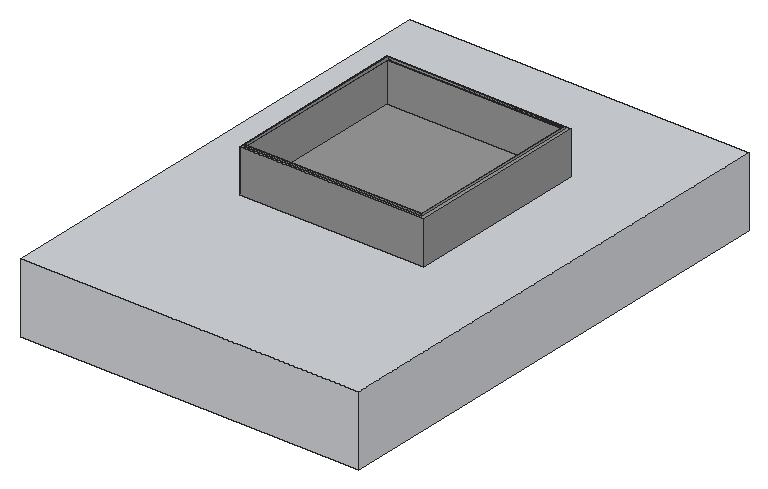
Revit family "Hager-Univers-IP30-D205-H800-Cl.II-Encl-CH-it", category Equipement électrique, Revit 2020
Family settings
  Hôte = Face
  Configuration du panneau = Deux colonnes, circuits au sein
  Cote de connecteur circulaire = Utiliser le diamètre
  Type d'élément = Tableau de raccordement
  Couper avec des vides une fois chargée = Non
  Partagée = Non
  Point de calcul de pièce = Non
Parameters (values of type "A parete IP30 L800 A800 P205  - FP53Q1S")
  Width Control [instance] = if([EF000008 - Larghezza] > Min Width, [EF000008 - Larghezza], Min Width)  # 800 mm
  Commentaires du type = [HG000003 - Gamma]  # "Univers"
  Thickness Door [instance] = if([EF009171 - spessore materiale porta/coperchio] > 3 mm, 3 mm, [EF009171 - spessore materiale porta/coperchio])  # 1 mm
  Seal Frame Offset [instance] = 17 mm  # constant formula
  Plinth Visibility [instance] = [HG000027 - Altezza dello zoccolo] > 0 mm  # no
  Model = ""
  Min Width [instance] = 100 mm  # constant formula
  Min Height [instance] = 100 mm  # constant formula
  Min Depth [instance] = (2 * [EF009170 - spessore materiale scatola]) + 1 mm  # 3 mm
  Internal Frame Depth [instance] = (Door System Depth * 0.5)  # 9 mm
  Height Control [instance] = if([EF000040 - Altezza] > Min Height, [EF000040 - Altezza], Min Height)  # 800 mm
  HG000027 - Altezza dello zoccolo = 0 mm
  HG000026 - A pavimento = no
  HG000024 - Altezza della sezione inferiore = 800 mm
  HG000023 - Custodia a doppia sezione = no
  HG000016 - Visibilità delle porte nella vista 3D [instance] = yes
  HG000015 - Visibilità attraverso la porta [instance] = no
  HG000014 - Porta destra [instance] = yes
  HG000013 - Porta sinistra [instance] = not([HG000014 - Porta destra])  # no
  HG000012 - Angolo di apertura della porta [instance] = 30.00°
  HG000010 - Porte asimmetriche = no
  HG000009 - Porta doppia a battente = no
  HG000006 - Ad incasso = no
  HG000004 - Codice produttore = "FP53Q1S"
  HG000003 - Gamma = "Univers"
  HG000002 - Con porta = no
  Frame Offset Bottom [instance] = 10 mm  # constant formula
  Frame Offset [instance] = 15 mm  # constant formula
  EF015940 - Coprire con rilascio di sovrapressione = no
  EF011959 - tipo di protezione (NEMA) = ""
  EF009554 - numero delle aperture per la piastra della flangia = 6
  Fabricant = "Hager"  # constant formula
  EF009212 - esecuzione coperchio = "EV009916 - con taglio"
  EF009171 - spessore materiale porta/coperchio = 1 mm
  EF009170 - spessore materiale scatola = 1 mm
  EF008873 - corrente nominale (In) = 250 A
  EF007800 - adatto per parafulmine = no
  EF006306 - con serratura = no
  EF006244 - coperchio/porta trasparente = no
  EF005474 - grado di protezione (IP) = "EV006410 - IP30"
  EF004464 - tipo di porta = "EV000494 - senza"
  EF004427 - numero di moduli = 180
  EF004293 - resistenza agli urti = "EV006813 - IK07"
  EF003532 - adatto per uso esterno = no
  EF002950 - Numero moduli DIN = 36
  EF001613 - Integrità del circuito = "EV000494 - senza"
  EF001596 - Attacco Lampada = "EV000179 - acciaio"
  EF001131 - profondità interna = 130 mm
  EF001088 - possibilità di applicazione = yes
  EF000437 - numero di ingressi per conduttori = 6
  EF000339 - tipo di copertura = "EV000494 - senza"
  EF000266 - numero di file = 5
  EF000218 - profondità di incasso = 0 mm
  EF000118 - con piastra di montaggio = no
  EF000116 - numero RAL = "9010"
  EF000049 - profondità = 205 mm
  EF000040 - Altezza = 800 mm
  EF000008 - Larghezza = 800 mm
  EF000007 - colore = "EV000202 - bianco"
  EF000003 - Tipo di montaggio = "EV000384 - A parete"
  Door System Leaf Tolerance [instance] = 1.5 mm  # constant formula
  Door System Depth [instance] = 18 mm  # constant formula
  Door Height [instance] = Height Control - [HG000027 - Altezza dello zoccolo]  # 800 mm
  Depth Control [instance] = if([EF000049 - profondità] > Min Depth, [EF000049 - profondità], Min Depth)  # 205 mm
  Default Elevation = 0 mm
  Connector Offset [instance] = Height Control / 2  # 400 mm
  Bottom Top Plate Trim [instance] = 1.5 mm  # constant formula
  Plinth height Ctrl [instance] = if([HG000027 - Altezza dello zoccolo] > 0 mm, [HG000027 - Altezza dello zoccolo], 12 mm)  # 12 mm
Types (5, lengths in mm): name | Width Control | HG000004 - Codice produttore | EF009554 - numero delle aperture per la piastra della flangia | EF004427 - numero di moduli | EF002950 - Numero moduli DIN | EF000437 - numero di ingressi per conduttori | EF000008 - Larghezza
  A parete IP30 L1050 A800 P205  - FP54Q1S | 1050 | "FP54Q1S" | 8 | 240 | 48 | 8 | 1050
  A parete IP30 L1300 A800 P205  - FP55Q1S | 1300 | "FP55Q1S" | 10 | 300 | 60 | 10 | 1300
  A parete IP30 L300 A800 P205  - FP51Q1S | 300 | "FP51Q1S" | 2 | 60 | 12 | 2 | 300
  A parete IP30 L550 A800 P205  - FP52Q1S | 550 | "FP52Q1S" | 4 | 120 | 24 | 4 | 550
  A parete IP30 L800 A800 P205  - FP53Q1S | 800 | "FP53Q1S" | 6 | 180 | 36 | 6 | 800
Reference planes
  plane 1 "Center (Front/Back)": y = 0
  plane 2: z = 0
  plane 3 "Center (Left/Right)": x = 0
  plane 4: z = 205
  plane 5: y = 1
  plane 6: y = 400
  plane 7: y = 0
  plane 8: y = 800
  plane 9: z = 0
  plane 10: x = -385
  plane 11: x = 385
  plane 12: x = 384
  plane 13: x = -384
  plane 14: y = 799
  plane 15: x = -383
  plane 16: x = -400
  plane 17: x = 383
  plane 18: x = 400
  plane 19: x = 399
  plane 20: x = -399
  plane 21: y = 11
  plane 22: y = 800
  plane 23: y = 784
  plane 24: z = 187
  plane 25: z = 1
  plane 26: z = 186
  plane 27: z = 204
Forms (mm)
  Extrusion 1, solid
    sketch origin (0, 0, 0) x (1, 0, 0) y (0, 1, 0)
      loop
        line (-702.964, 1305) -> (-702.964, -811.445) -> (766.763, -811.445) -> (766.763, 1305) -> (-702.964, 1305)
    from 0 to -304.8
  Extrusion 2, solid, material "Hager_Steel_RAL7035_Light_Grey", visible <- "Plinth Visibility", detail levels medium+fine
    sketch origin (0, 0, 0) x (1, 0, 0) y (0, 1, 0)
      loop
        line (-400, 0) -> (400, 0) -> (400, 12) -> (-400, 12) -> (-400, 0)
    from 0 to 187
  Extrusion 3, solid, material "Hager_Steel_RAL7035_Light_Grey", detail levels medium+fine
    sketch origin (0, 0, 0) x (1, 0, 0) y (0, 1, 0)
      loop
        line (-400, 0) -> (400, 0) -> (400, 800) -> (-400, 800) -> (-400, 0)
    from 0 to 187
  Extrusion 4, void
    sketch origin (0, 0, 0) x (1, 0, 0) y (0, 1, 0)
      loop
        line (-399, 1) -> (399, 1) -> (399, 799) -> (-399, 799) -> (-399, 1)
    from 1 to 186
  Extrusion 5, void
    sketch origin (-381.607, -4572, 187) x (0, -1, 0) y (-1, 0, 0)
      loop
        line (-4583, 2.393) -> (-5356, 2.393) -> (-5356, -765.607) -> (-4583, -765.607) -> (-4583, 2.393)
    from 0 to 1 <- "EF009170 - spessore materiale scatola"
  Extrusion 6, solid, material "Hager_Steel_RAL7035_Light_Grey", detail levels fine
    sketch origin (0, 0, 187) x (1, 0, 0) y (0, 1, 0)
      loop
        line (-384, 784) -> (-384, 11) -> (384, 11) -> (384, 784) -> (-384, 784)
      loop
        line (-385, 10) -> (385, 10) -> (385, 785) -> (-385, 785) -> (-385, 10)
    from 0 to 9 <- "Internal Frame Depth"
  Extrusion 7, solid, material "Hager_Steel_RAL7035_Light_Grey", detail levels coarse
    sketch origin (0, 0, 0) x (1, 0, 0) y (0, 1, 0)
      loop
        line (-400, 0) -> (400, 0) -> (400, 800) -> (-400, 800) -> (-400, 0)
    from 0 to 205
  Sweep 8, void
    path in 3D
      loop
        line (-400, 12, 0) -> (400, 12, 0) -> (400, 12, 187) -> (-400, 12, 187) -> (-400, 12, 0)
    profile origin (-400, 12, 93.5) x (-1, 0, 0) y (0, -1, 0)
      loop
        line (0, 0) -> (0, 1.5) -> (-1.5, 1.5)
        arc (-1.5, 1.5) -> (-1.061, 0.439) -> (0, 0) r 1.5
Cuts and joins
  Extrusion 4, Extrusion 5 cuts Extrusion 3
  Sweep 8 cuts Extrusion 2
Lines and regions (mm)
  Masking region 1
    outline origin (0, 0, 0) x (1, 0, 0) y (0, 0, 1)
      loop
        line (-400, 205) -> (-400, 0) -> (400, 0) -> (400, 205) -> (-400, 205)
  Masking region 2, detail levels medium+fine
    outline origin (0, 140, 0) x (0, 1, 0) y (0, 0, 1)
      loop
        line (-140, 0) -> (660, 0) -> (660, 187) -> (-140, 187) -> (-140, 0)
  Masking region 3, not visible, detail levels medium+fine
    outline origin (0, 297.922, 0) x (0, 1, 0) y (0, 0, 1)
      loop
        line (113.578, 0) -> (153.578, 0) -> (153.578, 194)
        arc (153.578, 194) -> (150.649, 201.071) -> (143.578, 204) r 10
        line (143.578, 204) -> (113.578, 204) -> (113.578, 0)
  Masking region 4, detail levels coarse
    outline origin (0, 0, 180) x (0, 1, 0) y (0, 0, 1)
      loop
        line (0, -180) -> (800, -180) -> (800, 25) -> (0, 25) -> (0, -180)
  Masking region 5, visible <- "Plinth Visibility", detail levels medium+fine
    outline origin (0, 52.24, 12.345) x (0, 0, -1) y (0, 1, 0)
      loop
        line (10.845, -40.24) -> (-173.155, -40.24)
        arc (-173.155, -40.24) -> (-173.594, -41.301) -> (-174.655, -41.74) r 1.5
        line (-174.655, -41.74) -> (-174.655, -52.24) -> (12.345, -52.24) -> (12.345, -41.74)
        arc (12.345, -41.74) -> (11.285, -41.301) -> (10.845, -40.24) r 1.5
  Masking region 6, detail levels medium+fine
    outline origin (-381.607, -4572, 187) x (-1, 0, 0) y (0, -1, 0)
      loop
        line (18.393, -5372) -> (18.393, -4572) -> (-781.607, -4572) -> (-781.607, -5372) -> (18.393, -5372)
  Masking region 7, visible <- "Plinth Visibility", detail levels medium+fine
    outline origin (-381.607, -4727, 187) x (-1, 0, 0) y (0, -1, 0)
      loop
        arc (16.893, -4739) -> (17.332, -4737.939) -> (18.393, -4737.5) r 1.5
        line (18.393, -4737.5) -> (18.393, -4727) -> (-781.607, -4727) -> (-781.607, -4737.5)
        arc (-781.607, -4737.5) -> (-780.546, -4737.939) -> (-780.107, -4739) r 1.5
        line (-780.107, -4739) -> (16.893, -4739)
  Masking region 8, detail levels coarse
    outline origin (-442.548, -4669.526, 187) x (-1, 0, 0) y (0, -1, 0)
      loop
        line (-42.548, -5469.526) -> (-42.548, -4669.526) -> (-842.548, -4669.526) -> (-842.548, -5469.526) -> (-42.548, -5469.526)
  sketch lines
    curve 1: line (-400, 12, 187) -> (-400, 12, 0)
    curve 2: line (400, 12, 187) -> (-400, 12, 187)
    curve 3: line (400, 12, 187) -> (400, 12, 0)
    curve 4: line (-400, 12, 0) -> (400, 12, 0)
Dimensions and locks
  "Depth Control": plane 4 to Extrusion 1
  "HG000027 - Altezza dello zoccolo": plane 1 "Center (Front/Back)" to plane 7
  "EF009170 - spessore materiale scatola": plane 5 to plane 7
  locked: connector elem to plane 3 "Center (Left/Right)"
  equal spacing: plane 8, plane 6, plane 7
  locked: connector elem to plane 6
  "EF009170 - spessore materiale scatola": plane 8 to plane 14
  "EF009170 - spessore materiale scatola": plane 10 to plane 13
  "EF009170 - spessore materiale scatola": plane 12 to plane 11
  "Frame Offset": plane 20 to plane 13
  "Frame Offset": plane 12 to plane 19
  "EF009170 - spessore materiale scatola": plane 16 to plane 20
  "EF009170 - spessore materiale scatola": plane 19 to plane 18
  "Seal Frame Offset": plane 16 to plane 15
  "Seal Frame Offset": plane 17 to plane 18
  "Frame Offset Bottom": plane 21 to plane 5
  "Frame Offset": plane 14 to plane 23
  equal spacing: plane 16, plane 3 "Center (Left/Right)", plane 18
  "Width Control": plane 16 to plane 18
  "EF009170 - spessore materiale scatola": plane 4 to plane 27
  "EF009170 - spessore materiale scatola": plane 24 to plane 26
  "EF009170 - spessore materiale scatola": plane 25 to level
  "Door System Depth": plane 4 to plane 24
  "Height Control": plane 1 "Center (Front/Back)" to Extrusion 7 sketch curve
  "Height Control": Masking region 4 sketch curve to plane 1 "Center (Front/Back)"
  "Height Control": plane 1 "Center (Front/Back)" to plane 22
  "Bottom Top Plate Trim": profile plane to Sweep 8 sketch curve
  "Bottom Top Plate Trim": Sweep 8 sketch curve to profile plane
  "Plinth height Ctrl": plane 1 "Center (Front/Back)" to Extrusion 2 sketch curve
  "Plinth height Ctrl": Masking region 5 sketch curve to plane 1 "Center (Front/Back)"
  "Plinth height Ctrl": plane 1 "Center (Front/Back)" to Masking region 7 sketch curve
  "Thickness Door": Extrusion 6 sketch curve to Extrusion 6 sketch curve  (x3)
  "Thickness Door": cut or joined group of Extrusion 3, Extrusion 4, Extrusion 5 to Extrusion 6 sketch curve
  radius of Masking region 3 sketch curve = 10 mm
  "Bottom Top Plate Trim": radius of Masking region 5 sketch curve  (x2)
  "Bottom Top Plate Trim": radius of Sweep 8 sketch curve
  "Bottom Top Plate Trim": radius of Masking region 7 sketch curve  (x2)
  aligned and locked: plane 2 to Extrusion 1
  aligned and locked: level to Extrusion 1
  aligned and locked: level to Masking region 1 sketch curve
  aligned and locked: Masking region 1 sketch curve to plane 18
  aligned and locked: Masking region 1 sketch curve to plane 16
  aligned and locked: plane 7 to Masking region 2 sketch curve
  aligned and locked: level to Masking region 3 sketch curve
  aligned and locked: Masking region 3 sketch curve to plane 27
  aligned and locked: level to Masking region 2 sketch curve
  aligned and locked: plane 1 "Center (Front/Back)" to Extrusion 2 sketch curve
  aligned and locked: Extrusion 3 sketch curve to plane 7
  aligned and locked: plane 16 to Extrusion 3 sketch curve
  aligned and locked: plane 18 to Extrusion 3 sketch curve
  aligned and locked: plane 20 to Extrusion 4 sketch curve
  aligned and locked: plane 19 to Extrusion 4 sketch curve
  aligned and locked: Extrusion 4 sketch curve to plane 5
  aligned and locked: Extrusion 4 to plane 25
  aligned and locked: plane 26 to Extrusion 4
  aligned and locked: plane 24 to Extrusion 3
  aligned and locked: Extrusion 5 sketch curve to plane 21
  aligned and locked: Extrusion 5 sketch curve to plane 13
  aligned and locked: Extrusion 5 sketch curve to plane 12
  aligned and locked: plane 18 to Extrusion 7 sketch curve
  aligned and locked: plane 1 "Center (Front/Back)" to Extrusion 7 sketch curve
  aligned and locked: plane 16 to Extrusion 7 sketch curve
  aligned and locked: plane 4 to Extrusion 7
  aligned and locked: Extrusion 7 to level
  aligned and locked: level to Masking region 4 sketch curve
  aligned and locked: Masking region 4 sketch curve to plane 1 "Center (Front/Back)"
  aligned and locked: Masking region 4 sketch curve to plane 4
  aligned and locked: nested 1 to level
  aligned and locked: nested 1 to plane 16
  aligned and locked: plane 8 to Extrusion 3 sketch curve
  aligned and locked: plane 23 to Extrusion 5 sketch curve
  aligned and locked: plane 14 to Extrusion 4 sketch curve
  aligned and locked: Masking region 2 sketch curve to plane 8
  aligned and locked: level to Masking region 5 sketch curve
  aligned and locked: plane 16 to Extrusion 2 sketch curve
  aligned and locked: plane 18 to Extrusion 2 sketch curve
  aligned and locked: Masking region 5 sketch curve to plane 24
  aligned and locked: Masking region 2 sketch curve to plane 24
  aligned and locked: plane 24 to Extrusion 2
  aligned and locked: profile plane to Sweep 8 sketch curve  (x2)
  aligned and locked: Masking region 6 sketch curve to plane 18
  aligned and locked: Masking region 6 sketch curve to plane 22
  aligned and locked: Masking region 6 sketch curve to plane 16
  aligned and locked: plane 8 to plane 22
  aligned and locked: Masking region 6 sketch curve to plane 7
  aligned and locked: Masking region 7 sketch curve to plane 16
  aligned and locked: Masking region 7 sketch curve to plane 1 "Center (Front/Back)"
  aligned and locked: Masking region 7 sketch curve to plane 18
  aligned and locked: Masking region 8 sketch curve to plane 1 "Center (Front/Back)"
  aligned and locked: Masking region 8 sketch curve to plane 18
  aligned and locked: Masking region 8 sketch curve to plane 22
  aligned and locked: Masking region 8 sketch curve to plane 16
  aligned and locked: nested 2 to plane 7
  aligned and locked: plane 3 "Center (Left/Right)" to nested 2
  aligned and locked: nested 2 to plane 24
  aligned and locked: Extrusion 6 sketch curve to cut or joined group of Extrusion 3, Extrusion 4, Extrusion 5  (x4)
Automatic sketch dimensions
  Extrusion 1 sketch curve to Extrusion 1 sketch curve = 1469.727 mm
  Extrusion 1 sketch curve to Extrusion 1 sketch curve = 2116.445 mm
  Masking region 1 sketch curve to plane 4 = 0 mm
  plane 6 to Masking region 3 sketch curve = 11.5 mm
  Masking region 3 sketch curve to Masking region 3 sketch curve = 30 mm
  Masking region 5 sketch curve to plane 1 "Center (Front/Back)" = 0 mm
Nested families
  nested 1: "Hager_Enclosure_Symbol" at (-400, 0, 0) x (1, 0, 0) z (0, -1, 0), Height <- "Depth Control", Width <- "Width Control", type "Hager_Enclosure_Symbol"
    with Width_Ctrl 800 mm, Width 800 mm, Height_Ctrl 205 mm, Height 205 mm, A_Width_Int 13.453 mm, A_Width 161.438 mm, A_Height_Ctrl 179.375 mm, A_Height 179.375 mm
  nested 2: "EC000058_Univers_Door" at (0, 0, 187) x (1, 0, 0) z (0, 1, 0), Leaf_Tolerance <- "Door System Leaf Tolerance", Angle <- "HG000012 - Angolo di apertura della porta", Door_Depth <- "Door System Depth", Door_Left <- "HG000013 - Porta sinistra", Transparent <- "EF006244 - coperchio/porta trasparente", Assymetrical <- "HG000010 - Porte asimmetriche", Width <- "Width Control", Clearance <- "HG000015 - Visibilità attraverso la porta", Double <- "HG000009 - Porta doppia a battente", 3d_Door <- "HG000016 - Visibilità delle porte nella vista 3D", Lock_Visibility <- "EF006306 - con serratura", Width_Ctrl <- "Width Control", Door_Right <- "HG000014 - Porta destra", Door <- "HG000002 - Con porta", Height <- "Door Height", Thickness <- "Thickness Door", type "EC000058_Univers_Door", detail levels medium+fine
    with min_wh 3 mm, Width_Ctrl 800 mm, Width 800 mm, Transparent no, Thickness 1 mm, Seal_Material Hager_Rubber, Lock_Visibility no, Lock_Material Hager_Plastic_RAL9005_Jet_Black, Leaf_Width 800 mm, Leaf_Tolerance_External_Sides 0 mm, Leaf_Tolerance 1.5 mm, Leaf_Offset 0 mm, Leaf_Height 797 mm, Leaf_2_Width 800 mm, Leaf_2_Offset 400 mm, Leaf_1_Width 800 mm, Leaf_1_Offset 400 mm, Height_Ctrl 800 mm, Height 800 mm, Glass_Material Hager_Glass, Double_Clearance_Ctrl no, Double no, Door_Right_Ctrl no, Door_Right yes, Door_Material Hager_Steel_RAL7035_Light_Grey, Door_Left_Ctrl no, Door_Left no, Door_Depth 18 mm, Door no, Clearance_Material Hager_Clearance, Clearance_Depth 800 mm, Clearance_Ctrl no, Clearance no, Assymetrical no, Angle 30.00°, 3d_Door yes
Connectors
  electrical at (0, 400, 0)
    settings: on plane 9, index 1, voltage 0 V, apparent load 0 VA, apparent load phase1 0 VA, apparent load phase2 0 VA, apparent load phase3 0 VA, power factor 1, load classification "Other", number of poles 1, system type 30, power factor state 1, is connector primary yes, connector utility no, sub classification motor no, connector description ""
Definition of nested family "Hager_Enclosure_Symbol"
  Parameters (values of type "Hager_Enclosure_Symbol")
    Width_Ctrl [instance] = if(Width > 1 mm, Width, 1 mm)  # 102.27 mm
    Width [instance] = 102.27 mm
    Height_Ctrl [instance] = if(Height > 1 mm, Height, 1 mm)  # 66.5 mm
    A_Width_Int [instance] = if(A_Width / 12 > 2 mm, A_Width / 12, 2 mm)  # 4.364 mm
    A_Width [instance] = if(A_Height_Ctrl * 0.9 > 2 mm, A_Height_Ctrl * 0.9, 2 mm)  # 52.369 mm
    A_Height_Ctrl [instance] = if(A_Height > 2 mm, A_Height, 2 mm)  # 58.188 mm
    Height [instance] = 66.5 mm
    A_Height [instance] = Height - (Height / 8)  # 58.188 mm
  Reference planes
    plane 1 "Centre (avant/arrière)": y = 0
    plane 2: z = 0
    plane 3 "Centre (gauche/droite)": x = 0
    plane 4: x = 52.369
    plane 5: y = 33.042
    plane 6: y = 41.77
    plane 7: y = 66.5
    plane 8: x = 26.184
    plane 9: y = 37.406
    plane 10: x = 102.27
    plane 11: y = 66.5
    plane 12: y = 8.313
  Lines and regions (mm)
    Filled region 1, type "Solid_Black", in view "Niveau de réf."
      outline origin (0, 0, 0) x (1, 0, 0) y (0, 1, 0)
        loop
          line (52.369, 66.5) -> (33.188, 54.536) -> (45.365, 45.006) -> (52.369, 66.5)
    Filled region 2, type "Solid_Black", in view "Niveau de réf."
      outline origin (0, 0, 0) x (1, 0, 0) y (0, 1, 0)
        loop
          line (0, 0) -> (102.27, 0) -> (102.27, 66.5) -> (0, 0)
    detail lines, in view "Niveau de réf."
      curve 1: line (0, 8.313, 0) -> (26.184, 41.77, 0)
      curve 2: line (26.184, 41.77, 0) -> (26.184, 33.042, 0)
      curve 3: line (26.184, 33.042, 0) -> (52.369, 66.5, 0)
  Dimensions and locks
    "A_Width": plane 3 "Centre (gauche/droite)" to plane 4
    equal spacing: plane 3 "Centre (gauche/droite)", plane 8, plane 4
    equal spacing: plane 6, plane 9, plane 5
    equal spacing: curve 3, Filled region 1 sketch curve, Filled region 1 sketch curve
    "Height_Ctrl": plane 1 "Centre (avant/arrière)" to plane 11
    "A_Height_Ctrl": plane 11 to plane 12
    equal spacing: plane 11, plane 9, plane 12
    "A_Width_Int": plane 6 to plane 9
    "Width_Ctrl": plane 3 "Centre (gauche/droite)" to plane 10
    angle Filled region 1 sketch curve to curve 3 = 20.00°
    angle curve 3 to Filled region 1 sketch curve = 20.00°
    locked: curve 3 to Filled region 1 sketch curve (angle 90.00°)
    aligned and locked: plane 10 to Filled region 2
    aligned and locked: plane 11 to Filled region 2 sketch curve
    aligned and locked: plane 10 to Filled region 2 sketch curve
    aligned and locked: plane 3 "Centre (gauche/droite)" to curve 1
    aligned and locked: plane 12 to curve 1
    aligned and locked: plane 7 to plane 11
  Automatic sketch dimensions
    Filled region 1 sketch curve to plane 4 = 0 mm
    Filled region 1 sketch curve to plane 7 = 0 mm
    plane 1 "Centre (avant/arrière)" to Filled region 2 sketch curve = 0 mm
    Filled region 2 sketch curve to plane 3 "Centre (gauche/droite)" = 0 mm
    curve 2 to plane 6 = 0 mm
    curve 2 to plane 8 = 0 mm
    curve 3 to plane 4 = 0 mm
    curve 2 to plane 5 = 0 mm
    curve 3 to plane 7 = 0 mm
Definition of nested family "EC000058_Univers_Door"
  Parameters (values of type "EC000058_Univers_Door")
    min_wh [instance] = (2 * Thickness) + 1 mm  # 11 mm
    Width_Ctrl [instance] = 400 mm
    Width [instance] = 500 mm
    Transparent [instance] = yes
    Thickness [instance] = 5 mm
    Seal_Material [instance] = none
    Lock_Visibility [instance] = yes
    Lock_Material [instance] = none
    Leaf_Width [instance] = if((Width_Ctrl - 2 * Leaf_Tolerance_External_Sides) > 0 mm, (Width_Ctrl - 2 * Leaf_Tolerance_External_Sides), min_wh)  # 400 mm
    Leaf_Tolerance_External_Sides [instance] = 0 mm  # constant formula
    Leaf_Tolerance [instance] = 1.5 mm
    Leaf_Offset [instance] = 0 mm  # constant formula
    Leaf_Height [instance] = if((Height_Ctrl - 2 * Leaf_Tolerance) > 0 mm, (Height_Ctrl - 2 * Leaf_Tolerance), min_wh)  # 497 mm
    Leaf_2_Width [instance] = if(and(and(Double, Assymetrical), Door_Left), (Leaf_Width / 3) - (Leaf_Tolerance / 2), if(and(and(Double, Assymetrical), Door_Right), (Leaf_Width / 3) * 2 - (Leaf_Tolerance / 2), if(and(Double, not(Assymetrical)), (Leaf_Width / 2) - Leaf_Tolerance, Leaf_Width)))  # 400 mm
    Leaf_2_Offset [instance] = if(and(Double, Assymetrical), Leaf_2_Width / 2, if(and(Double, not(Assymetrical)), Leaf_Width / 4, Leaf_Width / 2))  # 200 mm
    Leaf_1_Width [instance] = if(and(and(Double, Assymetrical), Door_Right), (Leaf_Width / 3) - (Leaf_Tolerance / 2), if(and(and(Double, Assymetrical), Door_Left), (Width / 3) * 2 - (Leaf_Tolerance / 2), if(and(Double, not(Assymetrical)), (Leaf_Width / 2) - Leaf_Tolerance, Leaf_Width)))  # 400 mm
    Leaf_1_Offset [instance] = if(and(Double, Assymetrical), Leaf_1_Width / 2, if(and(Double, not(Assymetrical)), Leaf_Width / 4, Leaf_Width / 2))  # 200 mm
    Height_Ctrl [instance] = if(Height > min_wh, Height, min_wh)  # 500 mm
    Height [instance] = 500 mm
    Glass_Material [instance] = none
    Double_Clearance_Ctrl [instance] = and(Double, Clearance)  # no
    Double [instance] = no
    Door_Right_Ctrl [instance] = and(or(Door_Right, Double), Door)  # yes
    Door_Right [instance] = yes
    Door_Material [instance] = none
    Door_Left_Ctrl [instance] = and(or(Door_Left, Double), Door)  # no
    Door_Left [instance] = no
    Door_Depth [instance] = 30 mm
    Door [instance] = yes
    Default Elevation = 1219.2 mm
    Clearance_Material [instance] = none
    Clearance_Depth [instance] = if(Leaf_1_Width > Leaf_2_Width, Leaf_1_Width, Leaf_2_Width)  # 400 mm
    Clearance_Ctrl [instance] = and(not(Double), Clearance)  # yes
    Clearance [instance] = yes
    Assymetrical [instance] = yes
    Angle [instance] = 30.00°
    3d_Door [instance] = yes
  Reference planes
    plane 1 "Center (Front/Back)": y = 0
    plane 2 "Bottom": z = 0
    plane 3 "Center (Left/Right)": x = 0
    plane 4: z = 500
    plane 5: x = -200
    plane 6: x = 200
    plane 7: z = 500
    plane 8: x = -200
    plane 9: z = 0
    plane 10: x = 200
    plane 11: y = 0
    plane 12: z = 1.5
    plane 13: x = -600
    plane 14: y = -400
    plane 15: x = 600
    plane 16: x = 0
    plane 17: x = 0
    plane 18: x = -200
    plane 19: x = 200
    plane 20: z = 498.5
  Forms (mm)
    Extrusion 1, solid, material <- "Clearance_Material", visible <- "Double_Clearance_Ctrl"
      sketch origin (1200, 0, 0) x (1, 0, 0) y (0, 0, -1)
        loop
          line (-1800, -498.5) -> (-600, -498.5) -> (-600, 0) -> (-1800, 0) -> (-1800, -498.5)
      from 0 to -400
  Dimensions and locks
    equal spacing: plane 5, plane 3 "Center (Left/Right)", plane 6
    "Width_Ctrl": plane 5 to plane 6
    "Leaf_Offset": plane 5 to plane 8
    "Leaf_Offset": plane 6 to plane 10
    "Leaf_Offset": plane 9 to level
    "Leaf_Offset": plane 4 to plane 7
    "Height_Ctrl": plane 4 to level
    "Leaf_Tolerance": plane 12 to plane 9
    locked: plane 11 to plane 1 "Center (Front/Back)"
    "Leaf_1_Offset": plane 18 to plane 16
    "Leaf_2_Offset": plane 17 to plane 19
    "Leaf_1_Width": plane 13 to plane 8
    "Leaf_2_Width": plane 10 to plane 15
    "Clearance_Depth": plane 14 to plane 1 "Center (Front/Back)"
    "Leaf_Tolerance_External_Sides": plane 8 to plane 18
    "Leaf_Tolerance_External_Sides": plane 19 to plane 10
    "Leaf_Tolerance": plane 7 to plane 20
    aligned and locked: level to plane 2 "Bottom"
    aligned and locked: nested 1 to plane 16
    aligned and locked: nested 2 to plane 17
    aligned and locked: Extrusion 1 to plane 13
    aligned and locked: plane 15 to Extrusion 1
    aligned and locked: Extrusion 1 to plane 14
    aligned and locked: plane 12 to nested 1
    aligned and locked: nested 2 to plane 12
    aligned and locked: Extrusion 1 to plane 11
    aligned and locked: plane 20 to Extrusion 1
    aligned and locked: nested 2 to plane 11
    aligned and locked: nested 1 to plane 11
  Automatic sketch dimensions
    Extrusion 1 sketch curve to level = 0 mm
    plane 5 to Extrusion 1 sketch curve = 400 mm
    plane 6 to Extrusion 1 sketch curve = 400 mm
    Extrusion 1 sketch curve to plane 4 = 1.5 mm
  Nested families
    nested 1: "EC000058_Univers_Door_Leaf" at (0, 0, 1.5), Width <- "Leaf_1_Width", visible <- "Door_Left_Ctrl", Leaf_Height <- "Leaf_Height", Angle <- "Angle", 3d_Door <- "3d_Door", Transparent <- "Transparent", Clearance Material <- "Clearance_Material", Clearance <- "Clearance_Ctrl", Door_Material <- "Door_Material", Glass_Material <- "Glass_Material", Door_Depth <- "Door_Depth", Lock_Material <- "Lock_Material", Seal_Material <- "Seal_Material", Lock_Visibility <- "Lock_Visibility", Thickness <- "Thickness", type "EC000058_Univers_Door_Leaf"
      with Width 400 mm, Transparent_Glass_Offset 30 mm, Transparent_Ctrl yes, Transparent yes, Thickness 5 mm, Standard no, Seal_Material none, Seal_D2 8 mm, Seal_D1 1 mm, Offset_Internal_Frame 10 mm, Lock_Width 20 mm, Lock_Visibility_3d yes, Lock_Visibility yes, Lock_Thickness_3 3 mm, Lock_Thickness_2 1 mm, Lock_Thickness_1 3 mm, Lock_Radius_Offset_2 16 mm, Lock_Radius_Offset_1 15 mm, Lock_Radius_2 5 mm, Lock_Radius 6 mm, Lock_Offset 5 mm, Lock_Material none, Lock_Height 80 mm, Lock_Cover_Top_Offset_2d 17 mm, Lock_Cover_Height -65 mm, Leaf_Height 497 mm, Internal_Seal_Thickness 8 mm, Internal_Seal_Depth_2 4.5 mm, Internal_Frame_Depth 25 mm, Glass_Thickness -1 mm, Glass_Offset -2 mm, Glass_Material none, Door_Material none, Door_Depth 30 mm, Clearance Material none, Clearance yes, Angle_Ctrl 30.00°, Angle 30.00°, 3d_Door yes
    nested 2: "EC000058_Univers_Door_Leaf" at (0, 0, 1.5) x (-1, 0, 0) z (0, 0, 1), Width <- "Leaf_2_Width", visible <- "Door_Right_Ctrl", Leaf_Height <- "Leaf_Height", Angle <- "Angle", 3d_Door <- "3d_Door", Transparent <- "Transparent", Clearance Material <- "Clearance_Material", Clearance <- "Clearance_Ctrl", Door_Material <- "Door_Material", Glass_Material <- "Glass_Material", Door_Depth <- "Door_Depth", Lock_Material <- "Lock_Material", Seal_Material <- "Seal_Material", Lock_Visibility <- "Lock_Visibility", Thickness <- "Thickness", type "EC000058_Univers_Door_Leaf"
      with Width 400 mm, Transparent_Glass_Offset 30 mm, Transparent_Ctrl yes, Transparent yes, Thickness 5 mm, Standard no, Seal_Material none, Seal_D2 8 mm, Seal_D1 1 mm, Offset_Internal_Frame 10 mm, Lock_Width 20 mm, Lock_Visibility_3d yes, Lock_Visibility yes, Lock_Thickness_3 3 mm, Lock_Thickness_2 1 mm, Lock_Thickness_1 3 mm, Lock_Radius_Offset_2 16 mm, Lock_Radius_Offset_1 15 mm, Lock_Radius_2 5 mm, Lock_Radius 6 mm, Lock_Offset 5 mm, Lock_Material none, Lock_Height 80 mm, Lock_Cover_Top_Offset_2d 17 mm, Lock_Cover_Height -65 mm, Leaf_Height 497 mm, Internal_Seal_Thickness 8 mm, Internal_Seal_Depth_2 4.5 mm, Internal_Frame_Depth 25 mm, Glass_Thickness -1 mm, Glass_Offset -2 mm, Glass_Material none, Door_Material none, Door_Depth 30 mm, Clearance Material none, Clearance yes, Angle_Ctrl 30.00°, Angle 30.00°, 3d_Door yes
  Definition of nested family "EC000058_Univers_Door_Leaf"
    Parameters (values of type "EC000058_Univers_Door_Leaf")
      Width [instance] = 2000 mm
      Transparent_Glass_Offset [instance] = 30 mm
      Transparent_Ctrl [instance] = and(Transparent, [3d_Door])  # yes
      Transparent [instance] = yes
      Thickness [instance] = 5 mm
      Standard [instance] = and(not(Transparent), [3d_Door])  # no
      Seal_Material [instance] = none
      Seal_D2 [instance] = 8 mm  # constant formula
      Seal_D1 [instance] = 1 mm  # constant formula
      Offset_Internal_Frame [instance] = 10 mm  # constant formula
      Lock_Width [instance] = 20 mm  # constant formula
      Lock_Visibility_3d [instance] = and(Lock_Visibility, [3d_Door])  # yes
      Lock_Visibility [instance] = yes
      Lock_Thickness_3 [instance] = 3 mm  # constant formula
      Lock_Thickness_2 [instance] = 1 mm  # constant formula
      Lock_Thickness_1 [instance] = 3 mm  # constant formula
      Lock_Radius_Offset_2 [instance] = Lock_Radius_Offset_1 + 1 mm  # 16 mm
      Lock_Radius_Offset_1 [instance] = 15 mm  # constant formula
      Lock_Radius_2 [instance] = Lock_Radius - 1 mm  # 5 mm
      Lock_Radius [instance] = 6 mm  # constant formula
      Lock_Offset [instance] = 5 mm  # constant formula
      Lock_Material [instance] = none
      Lock_Height [instance] = 80 mm  # constant formula
      Lock_Cover_Top_Offset_2d [instance] = Lock_Radius_Offset_2 + 1 mm  # 17 mm
      Lock_Cover_Height [instance] = -(Lock_Height - Lock_Radius_Offset_1)  # -65 mm
      Leaf_Height [instance] = 2720.336 mm
      Internal_Seal_Thickness [instance] = 8 mm  # constant formula
      Internal_Seal_Depth_2 [instance] = 4.5 mm  # constant formula
      Internal_Frame_Depth [instance] = if(Door_Depth - Thickness > 5 mm, Door_Depth - Thickness, 5 mm)  # 25 mm
      Glass_Thickness [instance] = if(Thickness > 15 mm, Glass_Offset + 10 mm, -1 mm)  # -1 mm
      Glass_Offset [instance] = if(Thickness > 15 mm, -(Thickness + 10 mm) / 2, -2 mm)  # -2 mm
      Glass_Material [instance] = none
      Door_Material [instance] = none
      Door_Depth [instance] = 30 mm
      Default Elevation = 0 mm
      Clearance Material [instance] = none
      Clearance [instance] = yes
      Angle_Ctrl [instance] = if(Angle > 180.00°, 180.00°, Angle)  # 90.00°
      Angle [instance] = 90.00°
      3d_Door [instance] = yes
    Reference planes
      plane 1 "Center (Front/Back)": y = 0
      plane 2: z = 0
      plane 3 "Center (Left/Right)": x = 0
      plane 4: y = 2000
      plane 5: x = -1000
      plane 6: x = 1000
      plane 7: x = -3000
      plane 8: z = 2720.336
      plane 9: z = 30
      plane 10: z = 2690.336
      plane 11: x = 970
      plane 12: x = -970
      plane 13: y = -3
      plane 14: z = 107.833
      plane 15: y = -5
      plane 16: y = -223.314
      plane 17: x = -1000
      plane 18: z = 1360.168
      plane 19: y = 30
    Forms (mm)
      Extrusion 1, solid, material <- "Clearance Material", visible <- "Clearance"
        sketch origin (0, 0, 0) x (1, 0, 0) y (0, 0, 1)
          loop
            line (-3000, 2720.336) -> (-3000, 0) -> (1000, 0) -> (1000, 2720.336) -> (-3000, 2720.336)
        from 0 to -2000
      Extrusion 2, solid, material <- "Door_Material", visible <- "Standard", detail levels medium+fine
        sketch origin (-1000, 0, 0) x (0, 1, 0) y (-1, 0, 0)
          loop
            line (0, 30) -> (0, 25) -> (2000, 25) -> (2000, 30) -> (0, 30)
        from 0 to 2720.336 <- "Leaf_Height"
      Extrusion 3, solid, material <- "Door_Material", visible <- "Transparent_Ctrl", detail levels medium+fine
        sketch origin (-1000, 0, 0) x (0, 1, 0) y (-1, 0, 0)
          loop
            line (0, 25) -> (2000, 25) -> (2000, 30) -> (0, 30) -> (0, 25)
        from 0 to 2720.336 <- "Leaf_Height"
      Extrusion 4, void
        sketch origin (-1025, 2000, 0) x (0, 1, 0) y (0, 0, -1)
          loop
            line (-30, -2690.336) -> (-30, -30) -> (-1970, -30) -> (-1970, -2690.336) -> (-30, -2690.336)
        from 0 to 5 <- "Thickness"
      Sweep 5, solid, material <- "Seal_Material", visible <- "Transparent_Ctrl", detail levels fine
        path in 3D
          loop
            line (-1025, 30, 30) -> (-1025, 30, 2690.336) -> (-1025, 1970, 2690.336) -> (-1025, 1970, 30) -> (-1025, 30, 30)
        profile origin (-1025, 1000, 30) x (1, 0, 0) y (0, 0, 1)
          loop
            line (0, 0) -> (0, -8) -> (1, -8) -> (1, 0) -> (0, 0)
      Extrusion 6, solid, material <- "Glass_Material", visible <- "Transparent_Ctrl", detail levels medium+fine
        sketch origin (-1030, 0, 0) x (0, 1, 0) y (0, 0, -1)
          loop
            line (1970, -2690.336) -> (1970, -30) -> (30, -30) -> (30, -2690.336) -> (1970, -2690.336)
        from -2 <- "Glass_Offset" to -1 <- "Glass_Thickness"
      Extrusion 7, solid, material <- "Door_Material", visible <- "3d_Door", detail levels medium+fine
        sketch origin (-1025, 2000, 0) x (0, -1, 0) y (0, 0, -1)
          loop
            line (0, -2720.336) -> (2000, -2720.336) -> (2000, 0) -> (0, 0) -> (0, -2720.336)
          loop
            line (1995, -5) -> (5, -5) -> (5, -2715.336) -> (1995, -2715.336) -> (1995, -5)
        from 0 to 25 <- "Internal_Frame_Depth"
      Sweep 8, solid, material <- "Seal_Material", visible <- "Transparent_Ctrl", detail levels fine
        path in 3D
          loop
            line (-1025, 0, 0) -> (-1025, 2000, 0) -> (-1025, 2000, 2720.336) -> (-1025, 0, 2720.336) -> (-1025, 0, 0)
        profile origin (-1025, 0, 1360.168) x (1, 0, 0) y (0, 1, 0)
          loop
            line (0, 10) -> (2.975, 10)
            arc (2.975, 10) -> (4.053, 10.447) -> (4.5, 11.525) r 1.525
            line (4.5, 11.525) -> (4.5, 16.527)
            arc (4.5, 16.527) -> (4.069, 17.569) -> (3.027, 18) r 1.473
            line (3.027, 18) -> (0, 18) -> (0, 10)
      Extrusion 9, solid, material <- "Lock_Material", visible <- "Lock_Visibility_3d", detail levels fine
        sketch origin (-1030, 0, 0) x (0, 1, 0) y (0, 0, -1)
          loop
            arc (1993.5, -1400.168) -> (1994.561, -1399.729) -> (1995, -1398.668) r 1.5
            line (1995, -1398.668) -> (1995, -1320.168) -> (1975, -1320.168) -> (1975, -1398.668)
            arc (1975, -1398.668) -> (1975.439, -1399.729) -> (1976.5, -1400.168) r 1.5
            line (1976.5, -1400.168) -> (1993.5, -1400.168)
        from 3 <- "Lock_Thickness_1" to 0
      Blend 10, solid, material <- "Lock_Material", visible <- "Lock_Visibility_3d", detail levels fine
        base sketch origin (-1033, 0, 0) x (0, 1, 0) y (0, 0, -1)
          loop
            line (1975, -1320.168) -> (1975, -1398.668)
            arc (1975, -1398.668) -> (1975.439, -1399.729) -> (1976.5, -1400.168) r 1.5
            line (1976.5, -1400.168) -> (1993.5, -1400.168)
            arc (1993.5, -1400.168) -> (1994.561, -1399.729) -> (1995, -1398.668) r 1.5
            line (1995, -1398.668) -> (1995, -1320.168) -> (1975, -1320.168)
        top sketch origin (-1033, 0, 0) x (0, 1, 0) y (0, 0, -1)
          loop
            line (1976, -1320.168) -> (1976, -1398.668)
            arc (1976, -1398.668) -> (1976.146, -1399.022) -> (1976.5, -1399.168) r 0.5
            line (1976.5, -1399.168) -> (1993.5, -1399.168)
            arc (1993.5, -1399.168) -> (1993.854, -1399.022) -> (1994, -1398.668) r 0.5
            line (1994, -1398.668) -> (1994, -1320.168) -> (1976, -1320.168)
        from 0 to 1 <- "Lock_Thickness_2"
      Blend 11, solid, material <- "Lock_Material", visible <- "Lock_Visibility_3d", detail levels fine
        base sketch origin (-1034, 0, 0) x (0, 1, 0) y (0, 0, -1)
          loop
            line (1978, -1320.168) -> (1978, -1384.168)
            arc (1978, -1384.168) -> (1985, -1391.168) -> (1992, -1384.168) r 7
            line (1992, -1384.168) -> (1992, -1320.168) -> (1978, -1320.168)
        top sketch origin (-1034, 0, 0) x (0, 1, 0) y (0, 0, -1)
          loop
            line (1991, -1320.168) -> (1979, -1320.168) -> (1979, -1383.168)
            arc (1979, -1383.168) -> (1985, -1389.168) -> (1991, -1383.168) r 6
            line (1991, -1383.168) -> (1991, -1320.168)
        from 0 to 3 <- "Lock_Thickness_3"
      Extrusion 12, solid, material <- "Lock_Material", visible <- "Lock_Visibility_3d", detail levels fine
        sketch origin (-1030, 1975, 1320.168) x (1, 0, 0) y (0, -1, 0)
          loop
            line (-7, -19) -> (-7, -1) -> (0, -1) -> (0, 0) -> (-8, 0) -> (-8, -20) -> (0, -20) -> (0, -19) -> (-7, -19)
        from 0 to -65 <- "Lock_Cover_Height"
      Extrusion 13, void
        sketch origin (-1038, 1995, 1320.168) x (-1, 0, 0) y (0, 0, -1)
          loop
            line (-5, -65) -> (0, -65) -> (-5, -60) -> (-5, -65)
        from 0 to 20 <- "Lock_Width"
      Extrusion 14, void
        sketch origin (-1038, 1975, 1320.168) x (0, -1, 0) y (0, 0, -1)
          loop
            circle (-10, -15.995) r 6
          loop
            circle (-10, -15.995) r 5
        from 0 to 2
      Extrusion 15, solid, material <- "Lock_Material", visible <- "Lock_Visibility_3d", detail levels medium
        sketch origin (-1030, 0, 0) x (0, 1, 0) y (0, 0, -1)
          loop
            arc (1993.5, -1400.168) -> (1994.561, -1399.729) -> (1995, -1398.668) r 1.5
            line (1995, -1398.668) -> (1995, -1320.168) -> (1975, -1320.168) -> (1975, -1398.668)
            arc (1975, -1398.668) -> (1975.439, -1399.729) -> (1976.5, -1400.168) r 1.5
            line (1976.5, -1400.168) -> (1993.5, -1400.168)
        from 8 to 0
    Cuts and joins
      Extrusion 4 cuts Extrusion 3
      Extrusion 13, Extrusion 14 cuts Extrusion 9
      Extrusion 14 cuts Blend 11
      Extrusion 13, Extrusion 14 cuts Extrusion 12
      joined: Extrusion 9, Blend 10, Blend 11, Extrusion 12
      Extrusion 14 cuts Extrusion 15
    Lines and regions (mm)
      Masking region 1, visible <- "Lock_Visibility", detail levels fine
        outline origin (0, 0, 0) x (0, 1, 0) y (0, 0, 1)
          loop
            line (30, 1320.168) -> (33, 1320.168) -> (33, 1400.168) -> (30, 1400.168) -> (30, 1320.168)
      Masking region 2, visible <- "Lock_Visibility", detail levels fine
        outline origin (0, 3.143, 0) x (0, 1, 0) y (0, 0, 1)
          loop
            line (29.857, 1354.168) -> (30.857, 1354.168) -> (30.857, 1366.168) -> (29.857, 1366.168) -> (29.857, 1354.168)
      Masking region 3, detail levels medium+fine
        outline origin (0, 0, 0) x (0, 1, 0) y (0, 0, 1)
          loop
            line (0, 0) -> (30, 0) -> (30, 2720.336) -> (0, 2720.336) -> (0, 0)
      Masking region 4, detail levels medium+fine
        outline origin (0, 0, 0) x (1, 0, 0) y (0, 0, 1)
          loop
            line (-1000, 2720.336) -> (-1000, 0) -> (1000, 0) -> (1000, 2720.336) -> (-1000, 2720.336)
      Masking region 5, visible <- "Lock_Visibility", detail levels fine
        outline origin (-47.116, 0, 0) x (1, 0, 0) y (0, 0, 1)
          loop
            arc (1024.616, 1399.168) -> (1023.556, 1398.729) -> (1023.116, 1397.668) r 1.5
            line (1023.116, 1397.668) -> (1023.116, 1320.168) -> (1041.116, 1320.168) -> (1041.116, 1397.668)
            arc (1041.116, 1397.668) -> (1040.677, 1398.729) -> (1039.616, 1399.168) r 1.5
            line (1039.616, 1399.168) -> (1024.616, 1399.168)
      Masking region 6, visible <- "Lock_Visibility", detail levels medium+fine
        outline origin (-25, 0, 0) x (1, 0, 0) y (0, 0, 1)
          loop
            arc (1001.5, 1400.168) -> (1000.439, 1399.729) -> (1000, 1398.668) r 1.5
            line (1000, 1398.668) -> (1000, 1320.168) -> (1020, 1320.168) -> (1020, 1398.668)
            arc (1020, 1398.668) -> (1019.561, 1399.729) -> (1018.5, 1400.168) r 1.5
            line (1018.5, 1400.168) -> (1001.5, 1400.168)
      Masking region 7, visible <- "Lock_Visibility", detail levels fine
        outline origin (-73.735, 0, 0) x (1, 0, 0) y (0, 0, 1)
          loop
            line (1051.735, 1382.168) -> (1065.735, 1382.168) -> (1065.735, 1384.168)
            arc (1065.735, 1384.168) -> (1058.735, 1391.168) -> (1051.735, 1384.168) r 7
            line (1051.735, 1384.168) -> (1051.735, 1382.168)
      Masking region 8, visible <- "Lock_Visibility", detail levels fine
        outline origin (-73.735, 0, 0) x (1, 0, 0) y (0, 0, 1)
          loop
            line (1052.735, 1382.168) -> (1064.735, 1382.168) -> (1064.735, 1383.168)
            arc (1064.735, 1383.168) -> (1058.735, 1389.168) -> (1052.735, 1383.168) r 6
            line (1052.735, 1383.168) -> (1052.735, 1382.168)
      Masking region 9, visible <- "Lock_Visibility", detail levels fine
        outline origin (-25, 0, 0) x (1, 0, 0) y (0, 0, 1)
          loop
            line (1020, 1320.168) -> (1020, 1382.168) -> (1000, 1382.168) -> (1000, 1320.168) -> (1020, 1320.168)
      Masking region 10, detail levels medium+fine
        outline origin (0, 0, 0) x (1, 0, 0) y (0, 0, 1)
          loop
            circle (985, 1335.144) r 6
      Masking region 11, detail levels fine
        outline origin (0, 0, 0) x (1, 0, 0) y (0, 0, 1)
          loop
            circle (985, 1335.144) r 5
      Masking region 12, visible <- "Lock_Visibility", detail levels fine
        outline origin (0, 12.767, 0) x (0, 1, 0) y (0, 0, 1)
          loop
            line (20.233, 1320.168) -> (21.233, 1320.168) -> (21.233, 1399.168) -> (20.233, 1400.168) -> (20.233, 1320.168)
      Masking region 13, visible <- "Lock_Visibility", detail levels fine
        outline origin (0, 13.767, -10) x (0, 1, 0) y (0, 0, 1)
          loop
            line (20.233, 1330.168) -> (23.233, 1330.168) -> (23.233, 1399.168) -> (20.233, 1402.168) -> (20.233, 1330.168)
      Masking region 14, visible <- "Lock_Visibility", detail levels fine
        outline origin (0, 12.767, -10) x (0, 1, 0) y (0, 0, 1)
          loop
            line (20.233, 1330.168) -> (25.233, 1330.168) -> (25.233, 1399.305) -> (20.233, 1394.305) -> (20.233, 1330.168)
      Masking region 15, visible <- "Lock_Visibility", detail levels medium
        outline origin (0, 0, 0) x (0, 1, 0) y (0, 0, 1)
          loop
            line (30, 1320.168) -> (38, 1320.168) -> (38, 1400.168) -> (30, 1400.168) -> (30, 1320.168)
      Masking region 16, visible <- "Lock_Visibility", detail levels fine
        outline origin (-1000, 0, 0) x (0, 1, 0) y (-1, 0, 0)
          loop
            line (1975, 30) -> (1995, 30) -> (1995, 38) -> (1975, 38) -> (1975, 30)
          loop
            line (1979, 37) -> (1976, 37) -> (1976, 34) -> (1978, 34) -> (1979, 37)
          loop
            line (1994, 37) -> (1991, 37) -> (1992, 34) -> (1994, 34) -> (1994, 37)
      Masking region 17, visible <- "Lock_Visibility", detail levels medium
        outline origin (-1000, 0, 0) x (0, 1, 0) y (-1, 0, 0)
          loop
            line (1975, 30) -> (1995, 30) -> (1995, 38) -> (1975, 38) -> (1975, 30)
      symbolic lines
        curve 1: line (1000, 0, 0) -> (-3000, 0, 0)
        curve 2: arc (1000, 0, 0) -> (-1000, 2000, 0) -> (-3000, 0, 0) r 2000
        curve 4: line (-1030, 0, 0) -> (-1030, 2000, 0)
      reference lines
        curve 3: line (-1000, 0, 0) -> (-1000, 2000, 0)
      symbolic lines, detail levels medium+fine
        curve 5: line (-1030, 2000, 0) -> (-1025, 2000, 0)
        curve 7: line (-1025, 0, 0) -> (-1030, 0, 0)
        curve 8: line (-1025, 0, 0) -> (-1000, 0, 0)
        curve 9: line (-1000, 0, 0) -> (-1000, 2000, 0)
        curve 10: line (-1000, 2000, 0) -> (-1025, 2000, 0)
      symbolic lines, detail levels fine
        curve 6: line (-1025, 2000, 0) -> (-1025, 0, 0)
      sketch lines
        curve 11: line (-1025, 0, 2720.336) -> (-1025, 0, 0)
        curve 12: line (-1025, 2000, 0) -> (-1025, 0, 0)
        curve 13: line (-1025, 2000, 2720.336) -> (-1025, 2000, 0)
        curve 14: line (-1025, 0, 2720.336) -> (-1025, 2000, 2720.336)
        curve 15: line (-1025, 1970, 30) -> (-1025, 30, 30)
        curve 16: line (-1025, 30, 30) -> (-1025, 30, 2690.336)
        curve 17: line (-1025, 1970, 2690.336) -> (-1025, 1970, 30)
        curve 18: line (-1025, 30, 2690.336) -> (-1025, 1970, 2690.336)
      symbolic lines, visible <- "Transparent", detail levels medium+fine
        curve 19: line (-970, 0, 2690.336) -> (970, 0, 2690.336)
        curve 20: line (-970, 0, 30) -> (-970, 0, 2690.336)
        curve 21: line (970, 0, 30) -> (-970, 0, 30)
        curve 22: line (970, 0, 2690.336) -> (970, 0, 30)
    Dimensions and locks
      "Width": plane 1 "Center (Front/Back)" to plane 4
      equal spacing: plane 5, plane 3 "Center (Left/Right)", plane 6
      "Width": plane 5 to plane 6
      "Width": plane 7 to plane 5
      "Leaf_Height": plane 8 to level
      "Width": curve 5 to curve 3
      "Width": curve 3 to curve 3
      plane 8 to plane 10 = 30 mm
      plane 9 to level = 30 mm
      plane 12 to plane 5 = 30 mm
      plane 6 to plane 11 = 30 mm
      Extrusion 1 to Extrusion 4 sketch curve = 30 mm
      "Transparent_Glass_Offset": curve 3 to Extrusion 4 sketch curve
      "Transparent_Glass_Offset": Extrusion 4 sketch curve to cut or joined group of Extrusion 3, Extrusion 4  (x2)
      cut or joined group of Extrusion 3, Extrusion 4 to Extrusion 6 sketch curve = 30 mm
      "Transparent_Glass_Offset": cut or joined group of Extrusion 3, Extrusion 4 to Extrusion 4 sketch curve
      "Thickness": curve 6 to curve 4
      "Thickness": Extrusion 7 sketch curve to Extrusion 7 sketch curve  (x4)
      "Door_Depth": curve 4 to curve 3
      "Offset_Internal_Frame": profile plane to Sweep 8 sketch curve
      "Internal_Seal_Thickness": Sweep 8 sketch curve to Sweep 8 sketch curve
      "Internal_Seal_Depth_2": profile plane to Sweep 8 sketch curve
      "Seal_D1": profile plane to Sweep 5 sketch curve
      "Seal_D2": profile plane to Sweep 5 sketch curve
      "Thickness": Extrusion 2 sketch curve to Extrusion 2 sketch curve
      equal spacing: Extrusion 9 sketch curve, plane 18, Extrusion 9 sketch curve  (x2)
      equal spacing: Masking region 1 sketch curve, plane 18, Masking region 1 sketch curve
      "Lock_Height": Masking region 1 sketch curve to Masking region 1 sketch curve
      "Lock_Radius": Masking region 2 sketch curve to plane 18 to Masking region 2 sketch curve
      Masking region 2 sketch curve to Masking region 1 = 1 mm
      "Door_Depth": plane 19 to plane 1 "Center (Front/Back)"
      "Lock_Thickness_1": Masking region 1 sketch curve to plane 19
      "Lock_Width": Extrusion 9 sketch curve to Extrusion 9 sketch curve
      "Lock_Height": Extrusion 9 sketch curve to Extrusion 9 sketch curve
      "Lock_Offset": cut or joined group of Extrusion 3, Extrusion 4 to Extrusion 9 sketch curve
      equal spacing: plane 8, plane 18, level
      "Lock_Radius_Offset_1": Blend 11 sketch curve to Blend 10
      locked: Blend 10 to Blend 11 sketch curve at 2  (x2)
      locked: var sketch to Blend 11 sketch curve at 1  (x2)
      "Lock_Radius_Offset_2": Blend 11 sketch curve to Blend 10
      locked: Extrusion 12 sketch curve to Extrusion 12 sketch curve at 1  (x3)
      Masking region 6 sketch curve to Masking region 6 sketch curve = 80 mm
      "Lock_Height": Masking region 6 sketch curve to Masking region 6 sketch curve
      "Lock_Width": Masking region 6 sketch curve to Masking region 6 sketch curve
      locked: Masking region 6 to Masking region 5 sketch curve at 1  (x3)
      locked: Masking region 5 to Masking region 7 sketch curve at 2  (x2)
      "Lock_Radius_Offset_1": Masking region 5 to Masking region 7 sketch curve
      "Lock_Radius_Offset_2": Masking region 5 to Masking region 8 sketch curve
      locked: Masking region 7 to Masking region 8 sketch curve at 1  (x2)
      "Lock_Cover_Top_Offset_2d": Masking region 5 to Masking region 9 sketch curve
      equal spacing: Masking region 9, Masking region 10 sketch curve, Masking region 9
      equal spacing: Masking region 9, Masking region 11 sketch curve, Masking region 9
      Extrusion 15 sketch curve to Extrusion 15 sketch curve = 80 mm
      "Lock_Width": Extrusion 15 sketch curve to Extrusion 15 sketch curve
      "Lock_Height": Extrusion 15 sketch curve to Extrusion 15 sketch curve
      equal spacing: Extrusion 15 sketch curve, plane 18, Extrusion 15 sketch curve
      "Lock_Thickness_3": Masking region 13 sketch curve to Masking region 13 sketch curve
      "Lock_Height": Masking region 12 sketch curve to Masking region 12 sketch curve
      locked: Masking region 13 sketch curve to Masking region 1 at 8
      locked: Masking region 14 sketch curve to Masking region 13 at 1
      locked: Masking region 14 sketch curve to Masking region 1 at 10.863
      "Lock_Height": Masking region 15 sketch curve to Masking region 15 sketch curve
      "Lock_Offset": Extrusion 15 sketch curve to cut or joined group of Extrusion 3, Extrusion 4
      "Lock_Offset": plane 6 to Masking region 6 sketch curve
      radius of Sweep 8 sketch curve = 1.525 mm
      radius of Sweep 8 sketch curve = 1.473 mm
      radius of Extrusion 9 sketch curve = 1.5 mm  (x2)
      "Lock_Radius": radius of Extrusion 14 sketch curve
      "Lock_Radius_2": radius of Extrusion 14 sketch curve
      "Lock_Radius": radius of Masking region 10 sketch curve
      "Lock_Radius_2": radius of Masking region 11 sketch curve
      radius of Extrusion 15 sketch curve = 1.5 mm  (x2)
      "Angle_Ctrl": angle plane 1 "Center (Front/Back)" to curve 3
      locked: Masking region 12 sketch curve to Masking region 12 sketch curve (angle 45.00°)
      locked: Masking region 13 sketch curve to Masking region 13 sketch curve (angle 45.00°)
      locked: Masking region 14 sketch curve to Masking region 14 sketch curve (angle 45.00°)
      aligned and locked: level to plane 2
      aligned and locked: Extrusion 1 to curve 1
      aligned and locked: plane 6 to Extrusion 1
      aligned and locked: Extrusion 1 to plane 1 "Center (Front/Back)"
      aligned and locked: plane 4 to Extrusion 1
      aligned and locked: plane 8 to Extrusion 1
      aligned and locked: curve 7 to Extrusion 2 sketch curve
      aligned and locked: curve 5 to Extrusion 2 sketch curve
      aligned and locked: curve 7 to Extrusion 3 sketch curve
      aligned and locked: Extrusion 3 sketch curve to curve 4
      aligned and locked: Extrusion 3 sketch curve to curve 6
      aligned and locked: Extrusion 3 sketch curve to curve 5
      aligned and locked: curve 9 to curve 3
      aligned and locked: Extrusion 7 sketch curve to cut or joined group of Extrusion 3, Extrusion 4  (x4)
      aligned and locked: plane 17 to curve 3
      aligned and locked: plane 1 "Center (Front/Back)" to curve 3
      aligned and locked: plane 17 to plane 5
      aligned and locked: Sweep 8 sketch curve to profile plane
      aligned and locked: Sweep 5 sketch curve to profile plane  (x2)
      aligned and locked: Masking region 1 to Masking region 2 sketch curve
      aligned and locked: plane 19 to Masking region 1 sketch curve
      aligned and locked: plane 1 "Center (Front/Back)" to Masking region 3 sketch curve
      aligned and locked: plane 19 to Masking region 3 sketch curve
      aligned and locked: level to Masking region 3 sketch curve
      aligned and locked: Masking region 3 sketch curve to plane 8
      aligned and locked: plane 17 to Masking region 4 sketch curve
      aligned and locked: level to Masking region 4 sketch curve
      aligned and locked: Masking region 4 sketch curve to plane 8
      aligned and locked: plane 12 to curve 20
      aligned and locked: plane 10 to curve 19
      aligned and locked: plane 11 to curve 22
      aligned and locked: curve 21 to plane 9
      aligned and locked: Extrusion 2 sketch curve to cut or joined group of Extrusion 3, Extrusion 4
      aligned and locked: Blend 10 sketch curve to Extrusion 9  (x4)
      aligned and locked: Extrusion 9 to Blend 10 sketch curve
      aligned and locked: Blend 10 to Blend 11 sketch curve
      aligned and locked: Extrusion 12 sketch curve to Blend 11
      aligned and locked: Extrusion 12 sketch curve to Extrusion 9  (x4)
      aligned and locked: Masking region 5 sketch curve to Masking region 6
      aligned and locked: Masking region 9 sketch curve to Masking region 6  (x3)
      aligned and locked: Masking region 12 sketch curve to Masking region 1
      aligned and locked: Masking region 13 sketch curve to Masking region 1
      aligned and locked: Masking region 12 to Masking region 14
      aligned and locked: Masking region 14 sketch curve to Masking region 1
      aligned and locked: Masking region 15 sketch curve to Masking region 14
      aligned and locked: Masking region 13 sketch curve to Masking region 12
      aligned and locked: Masking region 16 sketch curve to cut or joined group of Extrusion 14, Extrusion 15  (x4)
      aligned and locked: Masking region 16 sketch curve to cut or joined group of Extrusion 9, Blend 10, Blend 11, Extrusion 12, Extrusion 13, Extrusion 14  (x6)
      aligned and locked: cut or joined group of Extrusion 9, Blend 10, Blend 11, Extrusion 12, Extrusion 13, Extrusion 14 to Masking region 16 sketch curve
      aligned and locked: Masking region 17 sketch curve to cut or joined group of Extrusion 14, Extrusion 15  (x3)
      aligned and locked: Masking region 17 sketch curve to cut or joined group of Extrusion 9, Blend 10, Blend 11, Extrusion 12, Extrusion 13, Extrusion 14
      aligned and locked: Masking region 9 to Masking region 8 sketch curve
      aligned and locked: Masking region 9 to Masking region 7 sketch curve
    Automatic sketch dimensions
      plane 1 "Center (Front/Back)" to curve 2 = 0 mm
      curve 2 to plane 5 = 0 mm
      Extrusion 1 sketch curve to level = 0 mm
      Extrusion 1 sketch curve to plane 7 = 0 mm
      Extrusion 1 sketch curve to plane 6 = 0 mm
      Extrusion 1 sketch curve to plane 8 = 0 mm
      Extrusion 3 to Extrusion 6 sketch curve = 30 mm  (x4)
      Masking region 4 sketch curve to plane 6 = 0 mm
      Blend 10 sketch curve to Extrusion 9 = 1.5 mm
      Blend 10 sketch curve to Extrusion 9 = 1 mm
      Extrusion 13 sketch curve to Extrusion 12 = 0 mm  (x2)
      Extrusion 12 to Extrusion 13 sketch curve = 3 mm
      Extrusion 13 sketch curve to Extrusion 12 = 5 mm
      Extrusion 14 sketch curve to Extrusion 14 sketch curve = 0 mm  (x2)
      Extrusion 14 sketch curve to Extrusion 12 = 10 mm
      Extrusion 14 sketch curve to Extrusion 12 = 15.995 mm
      Masking region 5 sketch curve to Masking region 5 sketch curve = 1.5 mm  (x2)
      Masking region 10 sketch curve to plane 18 = 25.024 mm
      Masking region 11 sketch curve to plane 18 = 25.024 mm
      plane 19 to Masking region 14 sketch curve = 3 mm
      Masking region 16 sketch curve to Masking region 16 sketch curve = 3 mm
      curve 4 to curve 3 = 0 mm
      Blend 10 to Blend 11 sketch curve = 0 mm
      Masking region 6 sketch curve to Masking region 6 sketch curve = 1.5 mm  (x2)
      Masking region 6 sketch curve to plane 18 = 40 mm
      plane 19 to Masking region 12 sketch curve = 3 mm
      Masking region 12 sketch curve to Masking region 12 sketch curve = 1 mm
      Masking region 15 sketch curve to plane 19 = 0 mm
      Masking region 15 sketch curve to plane 18 = 40 mm
      radius of Blend 10 sketch curve to Extrusion 9 = 1 mm
